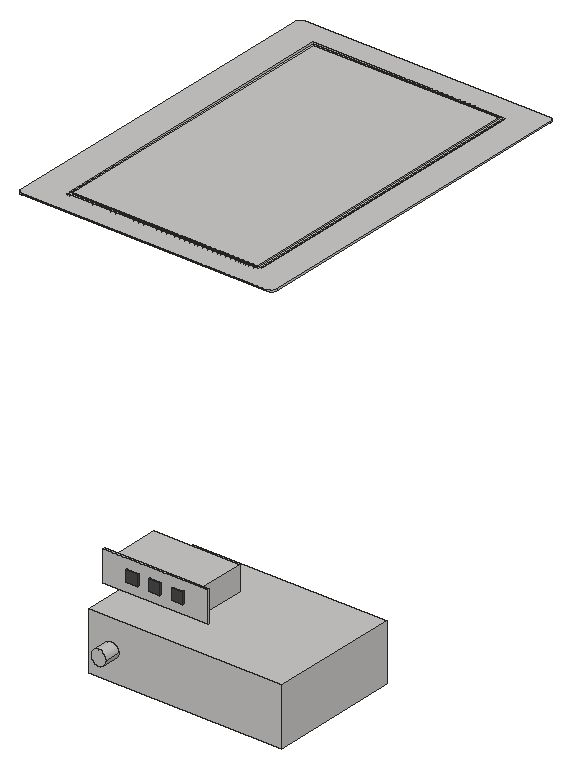
Revit family "QF_ELECTROLUXPROFESSIONAL_341014_D04H1", category Specialty Equipment, Revit 2018
Family settings
  Round Connector Dimension = Use Diameter
  Part Type = Normal
  Work Plane-Based = No
  Always vertical = Yes
  Cut with Voids When Loaded = No
  Shared = No
  Room Calculation Point = No
Parameters (values of type "Standard")
  Weight = 0.00 kg
  Watts = 0 W
  Volts = 220 V
  URL Manufacturer = "http://professional.electrolux.com"
  URL = "http://professional.electrolux.com"
  Steam Supply Size = 0 mm
  Steam Supply Minimum Pressure = 0.0 Pa
  Steam Supply Maximum Pressure = 0.0 Pa
  Steam Pounds per Hour = 0
  Show Clearance [instance] = yes
  Remote Electrical Box_Z [instance] = 200.00 mm
  Remote Electrical Box_Y [instance] = 500.00 mm
  Remote Electrical Box_X [instance] = 200.00 mm
  Refrigeration Suction Line Size = 0 mm
  Refrigeration Liquid Line Size = 0 mm
  Refrigerant Compressor Remote = yes
  Manufacturer = "Electrolux Professional"
  Phase = 1
  Model = "D04H1"
  Length Actual = 450.00 mm  # constant formula
  Item Number = "341014"
  Hot Water Size = 0 mm
  Height Actual = 80.00 mm  # constant formula
  HP = "0 HP"
  Gas Size = 0 mm
  Gas KW = 0
  Gas Input Pressure = 0 W
  Direct Waste Size = 0 mm
  Description = "DROP-IN TEMPERED GLASS TOP, 1GN"
  Depth Actual = 620.00 mm  # constant formula
  Cycle = 60 Hz
  Controller_Y [instance] = 500.00 mm
  Controller_1Z [instance] = 300.00 mm
  Controller_1X [instance] = 150.00 mm
  Condensate Return Size = 0 mm
  Compressed Air Volume = 0.0 L/s
  Compressed Air Size = 0 mm
  Compressed Air Pressure = 0.0 Pa
  Cold Water Size = 0 mm
  Accessory = yes
Types (2, lengths in mm): name | Volts | URL Manufacturer | URL | Manufacturer | Phase | Model | Item Number | Description | Cycle
  341014.rfa | 0 V | "" | 0.00 | 0.00 | 0 | 0.00 | "" | 0.00 | 0 Hz
  Standard | 220 V | "http://professional.electrolux.com" | "http://professional.electrolux.com" | "Electrolux Professional" | 1 | "D04H1" | "341014" | "DROP-IN TEMPERED GLASS TOP, 1GN" | 60 Hz
Reference planes
  plane 1 "Centro (Fronte/Retro)": y = 74.737
  plane 2: z = 0
  plane 3 "BACK": y = 384.737
  plane 4 "FRONT": y = -235.263
  plane 5 "RIGHT": x = -289.269
  plane 6 "LEFT": x = -739.269
  plane 7: x = -514.269
  plane 8 "TOP": z = 900
  plane 9: y = 345.957
  plane 10: y = -196.483
  plane 11: x = -682.989
  plane 12: x = -345.549
  plane 13: z = 898
  plane 14: z = 822
  plane 15: z = 825
  plane 16: x = -351.769
  plane 17: x = -676.769
  plane 18: y = 339.737
  plane 19: y = -190.263
  plane 20: x = -589.269
  plane 21: x = -539.269
  plane 22: y = -115.263
  plane 23: y = -115.263
  plane 24: z = 200
  plane 25: z = 300
Forms (mm)
  Extrusion 1, solid, material "QF_Finishes_Stainless Steel"
    sketch origin (0, 0, 900) x (-1, 0, 0) y (0, -1, 0)
      loop
        arc (729.269, -384.737) -> (736.34, -381.808) -> (739.269, -374.737) r 10
        line (739.269, -374.737) -> (739.269, 225.263)
        arc (739.269, 225.263) -> (736.34, 232.334) -> (729.269, 235.263) r 10
        line (729.269, 235.263) -> (299.269, 235.263)
        arc (299.269, 235.263) -> (292.198, 232.334) -> (289.269, 225.263) r 10
        line (289.269, 225.263) -> (289.269, -374.737)
        arc (289.269, -374.737) -> (292.198, -381.808) -> (299.269, -384.737) r 10
        line (299.269, -384.737) -> (729.269, -384.737)
      loop
        line (682.989, -345.957) -> (682.989, 196.483) -> (345.549, 196.483) -> (345.549, -345.957) -> (682.989, -345.957)
    from 0 to -2
  Extrusion 2, solid, material "QF_Finishes_Stainless Steel"
    sketch origin (0, 0, 900) x (-1, 0, 0) y (0, -1, 0)
      loop
        line (682.989, -345.957) -> (682.989, 196.483) -> (345.549, 196.483) -> (345.549, -345.957) -> (682.989, -345.957)
    from -2 to -78
  Sweep 3, void
    path origin (0, 0, 900) x (-1, 0, 0) y (0, -1, 0)
      loop
        line (682.989, -345.957) -> (682.989, 196.483) -> (345.549, 196.483) -> (345.549, -345.957) -> (682.989, -345.957)
    profile origin (-514.269, 345.957, 900) x (0, 1, 0) y (0, 0, 1)
      loop
        line (0, -2) -> (-75, -78.22) -> (0, -78.22) -> (0, -2)
  Extrusion 4, solid, material "QF_Finishes_Stainless Steel"
    sketch origin (0, 0, 900) x (-1, 0, 0) y (0, -1, 0)
      loop
        line (676.769, -339.737) -> (676.769, 190.263) -> (351.769, 190.263) -> (351.769, -339.737) -> (676.769, -339.737)
    from -2 to 0
Cuts and joins
  Sweep 3 cuts Extrusion 2
Lines and regions (mm)
  symbolic lines
    curve 1: line (-299.269, 384.737, 900) -> (-729.269, 384.737, 900)
    curve 2: arc (-729.269, 384.737, 900) -> (-736.34, 381.808, 900) -> (-739.269, 374.737, 900) r 10
    curve 3: line (-739.269, 374.737, 900) -> (-739.269, -225.263, 900)
    curve 4: arc (-739.269, -225.263, 900) -> (-736.34, -232.334, 900) -> (-729.269, -235.263, 900) r 10
    curve 5: line (-729.269, -235.263, 900) -> (-299.269, -235.263, 900)
    curve 6: arc (-299.269, -235.263, 900) -> (-292.198, -232.334, 900) -> (-289.269, -225.263, 900) r 10
    curve 7: line (-289.269, -225.263, 900) -> (-289.269, 374.737, 900)
    curve 8: arc (-289.269, 374.737, 900) -> (-292.198, 381.808, 900) -> (-299.269, 384.737, 900) r 10
    curve 9: line (-682.989, 345.957, 900) -> (-345.549, 345.957, 900)
    curve 10: line (-682.989, -196.483, 900) -> (-682.989, 345.957, 900)
    curve 11: line (-345.549, -196.483, 900) -> (-682.989, -196.483, 900)
    curve 12: line (-345.549, 345.957, 900) -> (-345.549, -196.483, 900)
    curve 13: line (-676.769, 339.737, 900) -> (-351.769, 339.737, 900)
    curve 14: line (-676.769, -190.263, 900) -> (-676.769, 339.737, 900)
    curve 15: line (-351.769, -190.263, 900) -> (-676.769, -190.263, 900)
    curve 16: line (-351.769, 339.737, 900) -> (-351.769, -190.263, 900)
  symbolic lines, style "SpecialityEquipmentHiddenLines"
    curve 17: line (-682.989, 345.957, 900) -> (-607.989, 270.957, 900)
    curve 18: line (-607.989, -121.483, 900) -> (-607.989, 270.957, 900)
    curve 19: line (-607.989, 270.957, 900) -> (-420.549, 270.957, 900)
    curve 20: line (-420.549, 270.957, 900) -> (-420.549, -121.483, 900)
    curve 21: line (-420.549, 270.957, 900) -> (-345.549, 345.957, 900)
    curve 22: line (-345.549, -196.483, 900) -> (-420.549, -121.483, 900)
    curve 23: line (-420.549, -121.483, 900) -> (-607.989, -121.483, 900)
    curve 24: line (-682.989, -196.483, 900) -> (-607.989, -121.483, 900)
Dimensions and locks
  plane 6 "LEFT" to plane 5 "RIGHT" = 450.00 mm
  equal spacing: plane 3 "BACK", plane 1 "Centro (Fronte/Retro)", plane 4 "FRONT"
  plane 3 "BACK" to plane 4 "FRONT" = 620.00 mm
  equal spacing: plane 6 "LEFT", plane 7, plane 5 "RIGHT"
  locked: plane 8 "TOP" to plane 2 at 900
  locked: plane 3 "BACK" to plane 9 at 38.78
  locked: plane 10 to plane 4 "FRONT" at 38.78
  locked: plane 6 "LEFT" to plane 11 at 56.28
  locked: plane 12 to plane 5 "RIGHT" at 56.28
  locked: plane 8 "TOP" to plane 13 at 2
  plane 8 "TOP" to plane 14 = 78.00 mm
  locked: plane 15 to plane 14 at 3
  locked: plane 11 to plane 17 at 6.22
  locked: plane 16 to plane 12 at 6.22
  locked: plane 9 to plane 18 at 6.22
  locked: plane 19 to plane 10 at 6.22
  plane 17 to plane 16 = 325.00 mm
  plane 18 to plane 19 = 530.00 mm
  "Controller_1X": plane 6 "LEFT" to plane 20
  "Remote Electrical Box_X": plane 6 "LEFT" to plane 21
  "Remote Electrical Box_Y": plane 3 "BACK" to plane 22
  "Controller_Y": plane 3 "BACK" to plane 23
  "Controller_1Z": plane 25 to plane 2
  "Remote Electrical Box_Z": plane 24 to plane 2
  aligned and locked: level to plane 2
  aligned and locked: Extrusion 1 sketch curve to plane 3 "BACK"
  aligned and locked: plane 6 "LEFT" to Extrusion 1 sketch curve
  aligned and locked: plane 4 "FRONT" to Extrusion 1 sketch curve
  aligned and locked: Extrusion 1 sketch curve to plane 5 "RIGHT"
  aligned and locked: Extrusion 1 sketch curve to plane 9
  aligned and locked: plane 11 to Extrusion 1 sketch curve
  aligned and locked: plane 10 to Extrusion 1 sketch curve
  aligned and locked: Extrusion 1 sketch curve to plane 12
  aligned and locked: Extrusion 1 to plane 13
  aligned and locked: Extrusion 2 to plane 14
  aligned and locked: Extrusion 2 to Extrusion 1
  aligned and locked: plane 11 to Extrusion 2 sketch curve
  aligned and locked: Extrusion 2 sketch curve to plane 9
  aligned and locked: Extrusion 2 sketch curve to plane 12
  aligned and locked: plane 10 to Extrusion 2 sketch curve
  aligned and locked: Sweep 3 sketch curve to Extrusion 1  (x4)
  aligned and locked: Extrusion 4 sketch curve to plane 18
  aligned and locked: plane 17 to Extrusion 4 sketch curve
  aligned and locked: plane 19 to Extrusion 4 sketch curve
  aligned and locked: Extrusion 4 sketch curve to plane 16
  aligned and locked: Extrusion 1 to Extrusion 4
  aligned and locked: plane 8 "TOP" to Extrusion 4
  aligned and locked: plane 20 to nested 1
  aligned and locked: plane 21 to nested 2
  aligned and locked: plane 22 to nested 2
  aligned and locked: plane 23 to nested 1
  aligned and locked: plane 24 to nested 2
  aligned and locked: nested 1 to plane 25
Automatic sketch dimensions
  Extrusion 1 sketch curve to plane 5 "RIGHT" = 10.00 mm  (x2)
  Extrusion 1 sketch curve to plane 3 "BACK" = 10.00 mm
  plane 4 "FRONT" to Extrusion 1 sketch curve = 10.00 mm
  Sweep 3 sketch curve to profile plane = 0.00 mm
  Sweep 3 sketch curve to plane 8 "TOP" = 78.22 mm
  profile plane to Sweep 3 sketch curve = 75.00 mm
  Sweep 3 sketch curve to plane 8 "TOP" = 2.00 mm
  curve 6 to plane 5 "RIGHT" = 0.00 mm
  curve 1 to plane 3 "BACK" = 0.00 mm
  curve 6 to plane 4 "FRONT" = 0.00 mm
  curve 12 to plane 10 = 0.00 mm
  curve 12 to plane 12 = 0.00 mm
  curve 15 to plane 16 = 0.00 mm
  curve 14 to plane 17 = 0.00 mm
  curve 10 to plane 9 = 0.00 mm
  curve 10 to plane 11 = 0.00 mm
  curve 4 to plane 6 "LEFT" = 0.00 mm
  curve 13 to plane 18 = 0.00 mm
  curve 16 to plane 19 = 0.00 mm
  curve 8 to plane 3 "BACK" = 10.00 mm
  plane 4 "FRONT" to curve 6 = 10.00 mm
  plane 6 "LEFT" to curve 1 = 10.00 mm
  plane 4 "FRONT" to curve 4 = 10.00 mm
  plane 17 to curve 17 = 68.78 mm
  curve 17 to plane 18 = 68.78 mm
  plane 19 to curve 18 = 68.78 mm
  curve 19 to plane 16 = 68.78 mm
Nested families
  nested 1: "Controller" at (-589.269, -115.263, 300), type "Controller"
  nested 2: "Remote_Electrical_Box" at (-539.269, -0.263, 100), type "Remote_Electrical_Box"
  nested 3: "Sun" at (-469.269, -45.263, 900), type "Sun"
Connectors
  electrical at (-669.269, -142.263, 149.381)
    settings: on nested 2, index 1, voltage 0 V, apparent load 0 VA, apparent load phase1 0 VA, apparent load phase2 0 VA, apparent load phase3 0 VA, power factor 1, load classification "Altro", number of poles 1, system type 14, power factor state 1, is connector primary yes, connector utility no, sub classification motor no, connector description ""
Definition of nested family "Controller"
  Reference planes
    plane 1 "Center (Front/Back)": y = 0
    plane 2: z = 0
    plane 3 "Center (Left/Right)": x = 0
  Forms (mm)
    Extrusion 1, solid
      sketch origin (0, 44.769, -48.2) x (1, 0, 0) y (0, 1, 0)
        loop
          line (-76, 43.231) -> (-76, -47.65) -> (76, -47.65) -> (76, 43.231) -> (-76, 43.231)
      from 6.2 to 48.2
    Extrusion 2, solid
      sketch origin (0, 44.769, -48.2) x (1, 0, 0) y (0, 0, 1)
        loop
          line (-92.25, 54.4) -> (-92.25, 0) -> (92.25, 0) -> (92.25, 54.4) -> (-92.25, 54.4)
        loop
          line (-76, 48.2) -> (-76, 6.2) -> (76, 6.2) -> (76, 48.2) -> (-76, 48.2)
      from 44.769 to 47.65
    Extrusion 3, solid
      sketch origin (76, -2.881, -48.2) x (-1, 0, 0) y (0, 0, -1)
        loop
          line (106, -37.2) -> (126, -37.2) -> (126, -17.2) -> (106, -17.2) -> (106, -37.2)
        loop
          line (66, -37.2) -> (86, -37.2) -> (86, -17.2) -> (66, -17.2) -> (66, -37.2)
        loop
          line (26, -37.2) -> (46, -37.2) -> (46, -17.2) -> (26, -17.2) -> (26, -37.2)
      from 0 to 2
    Extrusion 4, void
      sketch origin (0, 0, 0) x (1, 0, 0) y (0, 1, 0)
        loop
          line (76, 88) -> (-76, 88) -> (-76, 0) -> (76, 0) -> (76, 88)
      from 0 to -42
  Cuts and joins
    Extrusion 4 cuts Extrusion 2
    joined: Extrusion 1, Extrusion 2
  Lines and regions (mm)
    symbolic lines
      curve 1: line (-76, 88, 0) -> (-76, 0, 0)
      curve 2: line (76, 88, 0) -> (-76, 88, 0)
      curve 3: line (76, 0, 0) -> (76, 88, 0)
      curve 4: line (-92.25, -2.881, 0) -> (92.25, -2.881, 0)
      curve 5: line (-92.25, 0, 0) -> (-92.25, -2.881, 0)
      curve 6: line (92.25, 0, 0) -> (-92.25, 0, 0)
      curve 7: line (92.25, -2.881, 0) -> (92.25, 0, 0)
  Dimensions and locks
    aligned and locked: level to plane 2
Definition of nested family "Remote_Electrical_Box"
  Parameters (values of type "Remote_Electrical_Box")
    Default Elevation = 1219.20 mm
  Reference planes
    plane 1 "Center (Front/Back)": y = 0
    plane 2: z = 0
    plane 3 "Center (Left/Right)": x = 0
    plane 4: x = -170
    plane 5: x = 170
    plane 6: y = 115
    plane 7: y = -115
    plane 8: z = 100
    plane 9: z = 50
  Forms (mm)
    Extrusion 1, solid
      sketch origin (0, 0, 0) x (1, 0, 0) y (0, 1, 0)
        loop
          line (-170, 115) -> (-170, -115) -> (170, -115) -> (170, 115) -> (-170, 115)
      from 0 to 100
    Extrusion 2, solid
      sketch origin (0, 0, 0) x (1, 0, 0) y (0, 0, 1)
        loop
          circle (-130, 49.381) r 13
      from 115 to 142
  Lines and regions (mm)
    symbolic lines
      curve 1: line (-170, 115, 0) -> (170, 115, 0)
      curve 2: line (-170, -115, 0) -> (-170, 115, 0)
      curve 3: line (170, -115, 0) -> (-170, -115, 0)
      curve 4: line (170, 115, 0) -> (170, -115, 0)
      curve 5: line (-143, -142, 0) -> (-117, -142, 0)
      curve 6: line (-143, -142, 0) -> (-143, -115, 0)
      curve 7: line (-117, -142, 0) -> (-117, -115, 0)
  Dimensions and locks
    equal spacing: plane 4, plane 3 "Center (Left/Right)", plane 5
    equal spacing: plane 6, plane 1 "Center (Front/Back)", plane 7
    plane 4 to plane 5 = 340.00 mm
    plane 6 to plane 7 = 230.00 mm
    Extrusion 1 to Extrusion 2 sketch curve = 40.00 mm
    equal spacing: plane 8, plane 9, plane 2
    aligned and locked: level to plane 2
    aligned and locked: Extrusion 1 sketch curve to plane 6
    aligned and locked: plane 4 to Extrusion 1 sketch curve
    aligned and locked: plane 7 to Extrusion 1 sketch curve
    aligned and locked: Extrusion 1 sketch curve to plane 5
    aligned and locked: plane 7 to Extrusion 2
    aligned and locked: plane 8 to Extrusion 1
  Automatic sketch dimensions
    level to Extrusion 2 sketch curve = 49.381 mm
    curve 3 to plane 4 = 0.00 mm
    curve 7 to plane 7 = 0.00 mm
    curve 3 to plane 5 = 0.00 mm
    curve 2 to plane 6 = 0.00 mm
    plane 4 to curve 6 = 27.00 mm
    curve 5 to curve 6 = 27.00 mm
    curve 6 to curve 7 = 26.00 mm
    radius of Extrusion 2 sketch curve = 13.00 mm
Definition of nested family "Sun"
  Reference planes
    plane 1 "Center (Front/Back)": y = 0
    plane 2: z = 0
    plane 3 "Center (Left/Right)": x = 0
  Lines and regions (mm)
    detail lines, in view "Ref. Level"
      curve 1: circle (0, 0, 0) r 35 normal (0, 0, 1)
      curve 2: line (-18, 31.177, 0) -> (-30, 51.962, 0)
      curve 3: line (0, 36, 0) -> (0, 60, 0)
      curve 4: line (18, 31.177, 0) -> (30, 51.962, 0)
      curve 5: line (31.177, 18, 0) -> (51.962, 30, 0)
      curve 6: line (36, 0, 0) -> (60, 0, 0)
      curve 7: line (31.177, -18, 0) -> (51.962, -30, 0)
      curve 8: line (18, -31.177, 0) -> (30, -51.962, 0)
      curve 9: line (0, -36, 0) -> (0, -60, 0)
      curve 10: line (-18, -31.177, 0) -> (-30, -51.962, 0)
      curve 11: line (-31.177, -18, 0) -> (-51.962, -30, 0)
      curve 12: line (-36, 0, 0) -> (-60, 0, 0)
      curve 13: line (-31.177, 18, 0) -> (-51.962, 30, 0)
